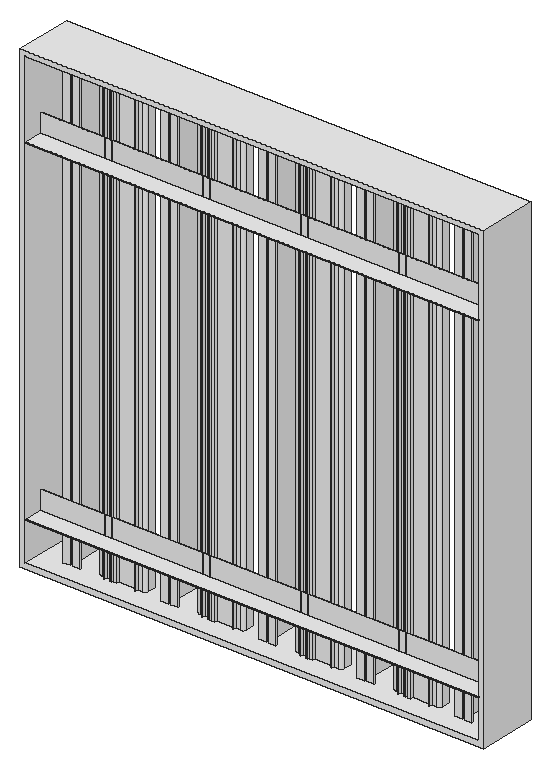
Revit family
Parameters (values of type "Louver_Screen_VT-654_All-Lite")
  URL = "http://www.alllite-louvers.com"
  Specifications = "http://www.alllite-louvers.com/catalog/AVT-654-csi-specification.doc"
  Spacing = 0.292 ft
  SmartBIM Object Version = 3  # constant formula
  SmartBIM Object Created By = "Reed Construction Data"  # constant formula
  Shim Thickness = 0.042 ft
  Screen Width = Width - (2 * Shim Thickness)  # 3.916 ft
  Screen Height = Height - (2 * Shim Thickness) - 0.198333 ft  # 3.717667 ft
  Screen = Aluminum
  Rough Width = 0.0 ft
  Rough Height = 0.0 ft
  Product URL = "http://www.alllite-louvers.com/catalog.php?model=VT-654"
  Pressure Loss (in.wg.) = "N/A"  # constant formula
  OmniClass Title = "Exterior Louvers and Grilles"  # constant formula
  OmniClass Code = "23-60 11 17"  # constant formula
  Mullion Height = Height - (2 * Shim Thickness) - 0.145833 ft  # 3.770167 ft
  Model Number = "VT-654"  # constant formula
  Minimum Size = "12\" x 12\""
  Maximum Size - Single Section = "72\" x 144\" or 144\"x 72\""
  Maximum Size - Multiple Section = "Unlimited"
  Manufacturer = "All-Lite"  # constant formula
  Louver Width = Height - (2 * Shim Thickness)  # 3.916 ft
  Louver = Mill finish, 6063-T5 Extruded Aluminum
  Inner Width = Width - 0.083333 ft  # 3.916667 ft
  Height = 4.0 ft
  Free Area for 48”x48” Louver = "21.0%"
  Free Area Velocity (fpm) = "N/A"  # constant formula
  Free Area (ft²) for 48"x48" Louver = 3.4 ft
  Frame = Mill finish, 6063-T5 Extruded Aluminum
  Default Sill Height = 3.0 ft
  Wall Closure = (empty or 0)
  Width = 4.0 ft
  Cut Sheet = "http://www.alllite-louvers.com/catalog/AVT654.pdf"
  Assembly Code = "B2010300"
  Air Volume Delivered (cfm) = "N/A"  # constant formula
  95 CSI = "10200 "  # constant formula
  04 CSI = "08 91 00"  # constant formula
  # of Louvers = (Inner Width) / (0.847583 ft)  # 5
  # of Profiles = # of Louvers - 1  # 4
Reference planes (ft)
  plane 1 "Center (Front/Back)": y = 0
  plane 2: z = 0.291667
  plane 3 "Center (Left/Right)": x = 0
  plane 4 "Left": x = -2
  plane 5 "Right": x = 2
  plane 6 "Sill": z = 3.291667
  plane 7 "Top": z = 7.291667
  plane 8: x = -1.958
  plane 9: x = 1.958
  plane 10: z = 7.249667
  plane 11: z = 3.333667
  plane 12: z = 5.292
  plane 13: y = 0.333333
  plane 14: x = -1.267779
  plane 15: x = 1.267779
Forms (ft)
  Sweep 1, solid, material "Mill finish, 6063-T5 Extruded Aluminum" <- "Frame"
    path origin (-5, 0.333333, 0.678127) x (-1, 0, 0) y (0, 0, 1)
      loop
        line (-6.958, 6.07154) -> (-3.042, 6.07154)
    profile "Vertical Mullion : Vertical Mullion" origin (0, 0.333333, 6.749667) x (0, 0, 1) y (0, 1, 0)
      loop
        line (-0.166667, -0.333333) -> (-0.166667, -0.5) -> (-0.160156, -0.5) -> (-0.160156, -0.339844) -> (0, -0.339844) -> (0, -0.333333) -> (-0.166667, -0.333333)
  Sweep 2, solid, material "Mill finish, 6063-T5 Extruded Aluminum" <- "Frame"
    path origin (-5, 0.333333, 0) x (-1, 0, 0) y (0, 0, 1)
      loop
        line (-3, 7.291667) -> (-7, 7.291667) -> (-7, 3.291667) -> (-3, 3.291667) -> (-3, 7.291667)
    profile origin (-2, 0.333333, 5.291667) x (0, 1, 0) y (-1, 0, 0)
      loop
        line (0, 0) -> (-0.5, 0) -> (-0.5, -0.042) -> (0, -0.042) -> (0, 0)
  Sweep 3, solid, material "Mill finish, 6063-T5 Extruded Aluminum" <- "Frame"
    path origin (-5, 0.333333, -1.48854) x (-1, 0, 0) y (0, 0, 1)
      loop
        line (-6.958, 5.322207) -> (-3.042, 5.322207)
    profile "Vertical Mullion : Vertical Mullion" origin (0, 0.333333, 3.833667) x (0, 0, 1) y (0, 1, 0)
      loop
        line (-0.166667, -0.333333) -> (-0.166667, -0.5) -> (-0.160156, -0.5) -> (-0.160156, -0.339844) -> (0, -0.339844) -> (0, -0.333333) -> (-0.166667, -0.333333)
Lines and regions (ft)
  Opening 1
    outline origin (-5, -0.333333, 0) x (1, 0, 0) y (0, 0, 1)
      loop
        line (3, 7.291667) -> (3, 3.291667) -> (7, 3.291667) -> (7, 7.291667) -> (3, 7.291667)
Text (ft)
  text "EXTERIOR" at (-4.890733, 4.242245, 0), in view "Ref. Level"
  text "INTERIOR" at (-4.890733, -3.147199, 0), in view "Ref. Level"
  text "Exterior" at (0, 3.638026, 10.266337), in view "Left"
  text "Exterior" at (0, 1.524487, 10.420622), in view "Right"
Dimensions and locks (ft)
  equal spacing: plane 4 "Left", plane 3 "Center (Left/Right)", plane 5 "Right"
  "Width": plane 4 "Left" to plane 5 "Right"
  "Height": plane 6 "Sill" to plane 7 "Top"
  "Default Sill Height": plane 2 to plane 6 "Sill"
  "Shim Thickness": plane 4 "Left" to plane 8
  "Shim Thickness": plane 9 to plane 5 "Right"
  "Shim Thickness": plane 10 to plane 7 "Top"
  "Shim Thickness": plane 6 "Sill" to plane 11
  plane 11 to plane 12 to plane 10 = 1.958333 ft, 1.957667 ft
  locked: Sweep 1 sketch curve to plane 10 at 0.5
  locked: plane 11 to Sweep 3 sketch curve at 0.5
  host wall to host wall = 14.5 ft
  equal spacing: group 1, group 3, group 6, group 7, group 2  (x3)
  locked: plane 8 to plane 14 at 0.690221
  locked: plane 15 to plane 9 at 0.690221
  equal spacing: group 4, group 8, group 9, group 5  (x3)
  aligned and locked: plane 7 "Top" to Opening 1 sketch curve
  aligned and locked: plane 6 "Sill" to Opening 1 sketch curve  (x2)
  aligned and locked: plane 5 "Right" to Opening 1 sketch curve
  aligned and locked: plane 4 "Left" to Opening 1 sketch curve
  aligned and locked: Sweep 2 sketch curve to plane 4 "Left"
  aligned and locked: Sweep 2 sketch curve to plane 7 "Top"
  aligned and locked: Sweep 2 sketch curve to plane 6 "Sill"
  aligned and locked: Sweep 2 sketch curve to plane 5 "Right"
  aligned and locked: Sweep 2 sketch curve to host wall  (x2)
  aligned and locked: plane 8 to Sweep 2 sketch curve
  aligned and locked: profile plane to host wall
  aligned and locked: plane 9 to Sweep 1 sketch curve
  aligned and locked: plane 8 to Sweep 1 sketch curve
  aligned and locked: plane 9 to Sweep 3 sketch curve
  aligned and locked: plane 8 to Sweep 3 sketch curve
  aligned and locked: nested 1 to plane 8
  aligned and locked: plane 10 to nested 1
  aligned and locked: Sweep 2 sketch curve to Sweep 3
  aligned and locked: Sweep 3 to nested 1
  aligned and locked: plane 9 to nested 3
  aligned and locked: nested 3 to Sweep 3
  aligned and locked: nested 2 to nested 1
  aligned and locked: plane 15 to nested 5
  aligned and locked: nested 2 to plane 14
  aligned and locked: nested 3 to nested 5
  aligned and locked: plane 10 to nested 3
  aligned and locked: plane 10 to nested 2
  aligned and locked: plane 10 to nested 5
Nested families (ft)
  nested 1: "Louver Single" at (-1.47869, -0.085938, 3.333667) x (-1, 0, 0) z (0, 0, 1), type "Louver"
  nested 2: "Louver" at (-1.206581, -0.085938, 3.333667) x (-1, 0, 0) z (0, 0, 1), type "Louver"
  nested 3: "Louver Single" at (1.902275, -0.085938, 3.333667) x (-1, 0, 0) z (0, 0, 1), type "Louver"
  nested 4: "Louver Single" at (-0.633449, -0.085938, 3.333667) x (-1, 0, 0) z (0, 0, 1), type "Louver"
  nested 5: "Louver" at (1.328977, -0.085938, 3.333667) x (-1, 0, 0) z (0, 0, 1), type "Louver"
  nested 6: "Louver Single" at (0.211793, -0.085938, 3.333667) x (-1, 0, 0) z (0, 0, 1), type "Louver"
  nested 7: "Louver Single" at (1.057034, -0.085938, 3.333667) x (-1, 0, 0) z (0, 0, 1), type "Louver"
  nested 8: "Louver" at (-0.361395, -0.085938, 3.333667) x (-1, 0, 0) z (0, 0, 1), type "Louver"
  nested 9: "Louver" at (0.483791, -0.085938, 3.333667) x (-1, 0, 0) z (0, 0, 1), type "Louver"
Definition of nested family "Louver Single"
  Parameters (values of type "Louver")
    Louver Length = 3.916667 ft
    Depth = 1.724917 ft
    Louver Single = yes
    Louver = none
    Assembly Code = ""
  Reference planes (ft)
    plane 1 "Center (Front/Back)": y = -0.085938
    plane 2: z = 0
    plane 3 "Center (Left/Right)": x = 0.061198
    plane 4: x = 0.479167
    plane 5: z = 3.916667
    plane 6: x = -0.055725
  Forms (ft)
    Extrusion 1, solid, material <- "Louver"
      sketch origin (-15.361135, -12.249387, 0) x (1, 0, 0) y (0, 1, 0)
        loop
          line (15.840445, 11.91878) -> (15.832632, 11.91878) -> (15.832632, 11.858971)
          arc (15.832632, 11.858971) -> (15.8275, 11.844195) -> (15.813167, 11.837929) r 0.019524
          line (15.813167, 11.837929) -> (15.578416, 11.837929) -> (15.578416, 12.129532) -> (15.603775, 12.129532) -> (15.603775, 12.155637) -> (15.645442, 12.155637) -> (15.645442, 12.16345) -> (15.581929, 12.16345) -> (15.581929, 12.156478) -> (15.595963, 12.156478) -> (15.595963, 12.137344) -> (15.551773, 12.137344) -> (15.551773, 12.156478) -> (15.564295, 12.156478) -> (15.564295, 12.16345) -> (15.503577, 12.16345) -> (15.503577, 12.155637) -> (15.545244, 12.155637) -> (15.545244, 12.129532) -> (15.570603, 12.129532) -> (15.570603, 11.837929) -> (15.335852, 11.837929)
          arc (15.335852, 11.837929) -> (15.319851, 11.844557) -> (15.313223, 11.860558) r 0.022629
          line (15.313223, 11.860558) -> (15.313223, 11.919474) -> (15.30541, 11.919474) -> (15.30541, 11.863786)
          arc (15.30541, 11.863786) -> (15.315272, 11.839978) -> (15.33908, 11.830116) r 0.033669
          line (15.33908, 11.830116) -> (15.81051, 11.830116)
          arc (15.81051, 11.830116) -> (15.833477, 11.840663) -> (15.840445, 11.864955) r 0.03028
          line (15.840445, 11.864955) -> (15.840445, 11.91878)
      from 0 to 3.916667
  Dimensions and locks (ft)
    "Louver Length": plane 5 to level
    aligned and locked: Extrusion 1 to level
    aligned and locked: plane 5 to Extrusion 1
    aligned: plane 6 to Extrusion 1
  Automatic sketch dimensions
    Extrusion 1 sketch curve to plane 1 "Center (Front/Back)" = 0.0 ft  (x2)
    Extrusion 1 sketch curve to plane 3 "Center (Left/Right)" = 0.116923 ft
    Extrusion 1 sketch curve to Extrusion 1 sketch curve = 0.007812 ft  (x4)
    Extrusion 1 sketch curve to Extrusion 1 sketch curve = 0.022629 ft
    Extrusion 1 sketch curve to Extrusion 1 sketch curve = 0.003228 ft  (x2)
    plane 3 "Center (Left/Right)" to Extrusion 1 sketch curve = 0.081244 ft
    Extrusion 1 sketch curve to Extrusion 1 sketch curve = 0.041667 ft  (x2)
    Extrusion 1 sketch curve to Extrusion 1 sketch curve = 0.006529 ft
    Extrusion 1 sketch curve to Extrusion 1 sketch curve = 0.012522 ft
    Extrusion 1 sketch curve to Extrusion 1 sketch curve = 0.018831 ft
    plane 1 "Center (Front/Back)" to Extrusion 1 sketch curve = 0.006971 ft
    Extrusion 1 sketch curve to Extrusion 1 sketch curve = 0.017634 ft
    Extrusion 1 sketch curve to Extrusion 1 sketch curve = 0.014034 ft
    plane 4 to Extrusion 1 sketch curve = 0.029791 ft
    Extrusion 1 sketch curve to Extrusion 1 sketch curve = 0.002657 ft
    plane 4 to Extrusion 1 sketch curve = 0.007669 ft
    Extrusion 1 sketch curve to plane 4 = 0.000143 ft
    Extrusion 1 sketch curve to Extrusion 1 sketch curve = 0.006971 ft
    plane 1 "Center (Front/Back)" to Extrusion 1 sketch curve = 0.007813 ft
    Extrusion 1 sketch curve to Extrusion 1 sketch curve = 0.000841 ft
    Extrusion 1 sketch curve to Extrusion 1 sketch curve = 0.019134 ft
    Extrusion 1 sketch curve to Extrusion 1 sketch curve = 0.0 ft
    plane 1 "Center (Front/Back)" to Extrusion 1 sketch curve = 0.243975 ft
    plane 1 "Center (Front/Back)" to Extrusion 1 sketch curve = 0.244669 ft
    Extrusion 1 sketch curve to Extrusion 1 sketch curve = 0.053825 ft
    Extrusion 1 sketch curve to Extrusion 1 sketch curve = 0.055689 ft
    Extrusion 1 sketch curve to Extrusion 1 sketch curve = 0.005984 ft
    Extrusion 1 sketch curve to Extrusion 1 sketch curve = 0.002943 ft
Definition of nested family "Louver"
  Parameters (values of type "Louver")
    Louver Length = 3.916667 ft
    Depth = 1.361667 ft
    Louver Single = yes
    Louver = none
    Assembly Code = ""
  Reference planes (ft)
    plane 1 "Center (Front/Back)": y = -0.085938
    plane 2: z = 0
    plane 3 "Center (Left/Right)": x = 0.061198
    plane 4: x = 0.274897
    plane 5: z = 3.916667
    plane 6: x = -0.141784
  Forms (ft)
    Extrusion 1, solid, material <- "Louver"
      sketch origin (-15.146149, -12.251861, 0) x (1, 0, 0) y (0, 1, 0)
        loop
          line (15.004364, 12.053886) -> (15.012177, 12.053886) -> (15.012177, 12.113857)
          arc (15.012177, 12.113857) -> (15.019037, 12.130418) -> (15.035597, 12.137278) r 0.02342
          line (15.035597, 12.137278) -> (15.379096, 12.137278)
          arc (15.379096, 12.137278) -> (15.403235, 12.127279) -> (15.413233, 12.10314) r 0.034138
          line (15.413233, 12.10314) -> (15.413233, 12.054259) -> (15.421046, 12.054259) -> (15.421046, 12.10314)
          arc (15.421046, 12.10314) -> (15.408759, 12.132803) -> (15.379096, 12.14509) r 0.04195
          line (15.379096, 12.14509) -> (15.349683, 12.14509) -> (15.349683, 12.165924) -> (15.341871, 12.165924) -> (15.341871, 12.14509) -> (15.302382, 12.14509) -> (15.302382, 12.165924) -> (15.281548, 12.165924) -> (15.281548, 12.158111) -> (15.294569, 12.158111) -> (15.294569, 12.14509) -> (15.251016, 12.14509) -> (15.251016, 12.158111) -> (15.264037, 12.158111) -> (15.264037, 12.165924) -> (15.243204, 12.165924) -> (15.243204, 12.14509) -> (15.08411, 12.14509) -> (15.08411, 12.165924) -> (15.076297, 12.165924) -> (15.076297, 12.14509) -> (15.035597, 12.14509)
          arc (15.035597, 12.14509) -> (15.013512, 12.135942) -> (15.004364, 12.113857) r 0.031233
          line (15.004364, 12.113857) -> (15.004364, 12.053886)
      from 0 to 3.916667
  Dimensions and locks (ft)
    "Louver Length": plane 5 to level
    aligned and locked: Extrusion 1 to level
    aligned and locked: plane 5 to Extrusion 1
  Automatic sketch dimensions
    Extrusion 1 sketch curve to Extrusion 1 sketch curve = 0.0 ft  (x6)
    Extrusion 1 sketch curve to plane 1 "Center (Front/Back)" = 0.0 ft  (x4)
    plane 1 "Center (Front/Back)" to Extrusion 1 sketch curve = 0.112038 ft
    Extrusion 1 sketch curve to plane 3 "Center (Left/Right)" = 0.202982 ft
    Extrusion 1 sketch curve to Extrusion 1 sketch curve = 0.007812 ft  (x6)
    Extrusion 1 sketch curve to Extrusion 1 sketch curve = 0.02342 ft
    Extrusion 1 sketch curve to Extrusion 1 sketch curve = 0.0407 ft
    plane 1 "Center (Front/Back)" to Extrusion 1 sketch curve = 0.020833 ft
    Extrusion 1 sketch curve to Extrusion 1 sketch curve = 0.159094 ft
    Extrusion 1 sketch curve to Extrusion 1 sketch curve = 0.013021 ft  (x2)
    plane 1 "Center (Front/Back)" to Extrusion 1 sketch curve = 0.007813 ft  (x2)
    Extrusion 1 sketch curve to Extrusion 1 sketch curve = 0.017511 ft
    Extrusion 1 sketch curve to Extrusion 1 sketch curve = 0.039489 ft
    Extrusion 1 sketch curve to Extrusion 1 sketch curve = 0.029412 ft
    Extrusion 1 sketch curve to Extrusion 1 sketch curve = 0.034138 ft
    plane 1 "Center (Front/Back)" to Extrusion 1 sketch curve = 0.111665 ft
    Extrusion 1 sketch curve to Extrusion 1 sketch curve = 0.048881 ft
